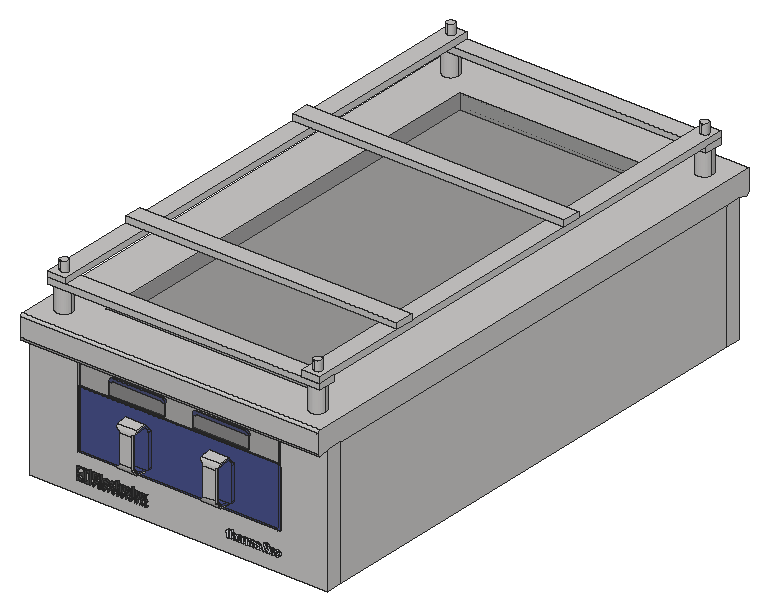
Revit family "QF_ELECTROLUXPROFESSIONAL_589842_MCIBACEODM", category Attrezzature speciali, Revit 2020 (continued)
Definition of nested family "Front_Panel_W500_2 Knobs"
  Definition of nested family "ELX_Professional_Logo_Small"
    Forms (mm)
      Extrusion 2, solid, material <- "Material_Logo"
        sketch origin (15.5, 0, 0) x (1, 0, 0) y (0, 1, 0)
          loop
            arc (2.345, -6.638) -> (1.663, -5.974) -> (0.737, -5.755) r 1.782
            arc (0.737, -5.755) -> (0.121, -5.878) -> (-0.425, -6.189) r 1.974
            arc (-0.425, -6.189) -> (-0.683, -6.5) -> (-0.799, -6.888) r 1.013
            arc (-0.799, -6.888) -> (-0.788, -7.341) -> (-0.674, -7.78) r 1.985
            arc (-0.674, -7.78) -> (-0.231, -8.259) -> (0.347, -8.563) r 1.928
            arc (0.347, -8.563) -> (0.881, -8.779) -> (1.387, -9.056) r 5.041
            arc (1.387, -9.056) -> (1.584, -9.387) -> (1.428, -9.74) r 0.42
            arc (1.428, -9.74) -> (0.887, -9.96) -> (0.314, -9.845) r 1.016
            arc (0.314, -9.845) -> (-0.107, -9.603) -> (-0.371, -9.196) r 1.033
            line (-0.371, -9.196) -> (-1.152, -9.686)
            arc (-1.152, -9.686) -> (-0.842, -10.198) -> (-0.39, -10.589) r 1.914
            arc (-0.39, -10.589) -> (0.184, -10.834) -> (0.804, -10.896) r 2.063
            arc (0.804, -10.896) -> (1.572, -10.743) -> (2.263, -10.376) r 2.696
            arc (2.263, -10.376) -> (2.568, -9.565) -> (2.411, -8.712) r 1.618
            arc (2.411, -8.712) -> (2.07, -8.319) -> (1.635, -8.035) r 1.876
            arc (1.635, -8.035) -> (1.084, -7.789) -> (0.519, -7.577) r 9.883
            arc (0.519, -7.577) -> (0.193, -7.07) -> (0.665, -6.694) r 0.45
            arc (0.665, -6.694) -> (1.189, -6.809) -> (1.61, -7.143) r 1.197
          loop
            line (6.801, -5.837) -> (6.801, -10.814) -> (7.825, -10.814) -> (7.825, -5.837) -> (6.801, -5.837)
          loop
            circle (14.724, -8.325) r 1.548
          loop
            circle (14.724, -8.325) r 2.585
          loop
            line (21.59, -10.814) -> (22.623, -10.814) -> (22.623, -7.685) -> (24.9, -10.814) -> (25.895, -10.814) -> (25.895, -5.837) -> (24.861, -5.837) -> (24.861, -9.061) -> (22.585, -5.837) -> (21.59, -5.837) -> (21.59, -10.814)
          loop
            line (31.054, -10.814) -> (31.539, -9.74) -> (33.38, -9.74) -> (33.865, -10.814) -> (34.965, -10.814) -> (32.46, -5.837) -> (29.956, -10.814) -> (31.054, -10.814)
          loop
            line (32.46, -7.698) -> (31.999, -8.719) -> (32.921, -8.719) -> (32.46, -7.698)
          loop
            line (40.047, -9.873) -> (40.047, -5.837) -> (39.024, -5.837) -> (39.024, -10.814) -> (41.961, -10.814) -> (41.961, -9.873) -> (40.047, -9.873)
          loop
            line (-74.986, -10.814) -> (-53.322, -10.814) -> (-53.322, 10.82) -> (-74.986, 10.82) -> (-74.986, -10.814)
          loop
            line (-61.261, 9.758) -> (-61.261, -9.707)
            arc (-61.261, -9.707) -> (-54.066, 0.025) -> (-61.261, 9.758) r 10.18
          loop
            line (-62.251, 8.349) -> (-62.251, 9.758)
            arc (-62.251, 9.758) -> (-70.347, 7.918) -> (-74.247, 0.59) r 9.976
            line (-74.247, 0.59) -> (-71.026, 0.59)
            arc (-71.026, 0.59) -> (-65.274, 2.925) -> (-62.251, 8.349) r 9.351
          loop
            arc (-74.247, -0.539) -> (-70.353, -7.928) -> (-62.251, -9.957) r 10.237
            line (-62.251, -9.957) -> (-62.251, -8.298)
            arc (-62.251, -8.298) -> (-65.274, -2.874) -> (-71.026, -0.539) r 9.351
            line (-71.026, -0.539) -> (-74.247, -0.539)
        from 0 to 1.644
    Dimensions and locks
      aligned and locked: plane 2 to Extrusion 1
      aligned and locked: level to Extrusion 1
